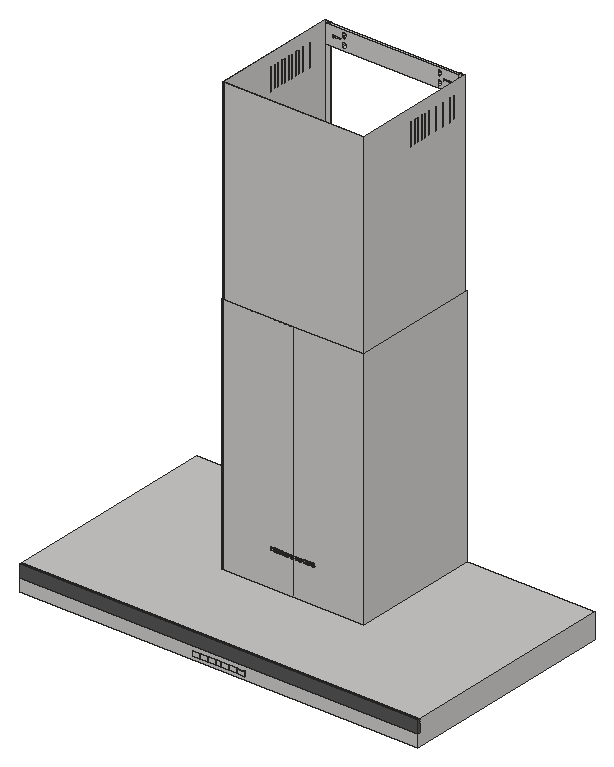
Revit family "FP_Revit_18_HC36DTXB1_Rangehood_90000953A", category Specialty Equipment, Revit 2018
Family settings
  Round Connector Dimension = Use Diameter
  Part Type = Normal
  OmniClass Number = 23.40.40.00
  OmniClass Title = Food Service Equipment and Furnishings
  Work Plane-Based = No
  Always vertical = Yes
  Cut with Voids When Loaded = Yes
  Shared = No
  Room Calculation Point = No
Parameters
  Visibility - Upper Chimney Extension [instance] = yes
  URL = "www.fisherpaykel.com"
  Product - Width = 900 mm  # constant formula
  Product - Height (645mm - 1043mm) Ducted [instance] = 1043 mm
  Product - Depth = 500 mm  # constant formula
  Model = "HC36DTXB1"
  Material - Display Panel = Fisher & Paykel - Glass, Black
  Material - Body = Fisher & Paykel - Stainless Steel
  Manufacturer = "Fisher & Paykel Appliances"
  FFL Offset [instance] = 1565 mm
  Description = "36\" Rangehood"
  Connector Description - Extraction = "6” (152 mm) diameter, rigid or semi-rigid ducting, 615 CFM"
  Connector Description - Electrical = "120 V, 60 Hz, 542 W"
  Chassis - Width = 320 mm  # constant formula
  Chassis - Height = 604 mm  # constant formula
  Chassis - Depth = 291 mm  # constant formula
Reference planes
  plane 1 "Datum": y = 0
  plane 2: z = 0
  plane 3 "Center (Left/Right)": x = 0
  plane 4 "Product LHS": x = -450
  plane 5 "Product RHS": x = 450
  plane 6 "Product - Depth": y = -500
  plane 7 "Cavity LHS": x = -160
  plane 8 "Cavity RHS": x = 160
  plane 9 "Chassis - Depth": y = -291
  plane 10 "FFL Offset": z = 1565
  plane 11 "Product - Height": z = 2608
Forms (mm)
  Extrusion 1, solid, material "Fisher & Paykel - Stainless Steel" <- "Material - Body"
    sketch origin (0, 0, 0) x (1, 0, 0) y (0, 1, 0)
      loop
        line (-145, 0) -> (-160, 0) -> (-160, -291) -> (0, -291) -> (160, -291) -> (160, 0) -> (145, 0) -> (145, -1) -> (159, -1) -> (159, -290) -> (-159, -290) -> (-159, -1) -> (-145, -1) -> (-145, 0)
    from 1621 to 2169
  Extrusion 2, solid, material "Fisher & Paykel - Stainless Steel" <- "Material - Body", visible <- "Visibility - Upper Chimney Extension"
    sketch origin (0, 0, 0) x (1, 0, 0) y (0, 1, 0)
      loop
        line (-158, -3) -> (-145, -3) -> (-145, -2) -> (-159, -2) -> (-159, -290) -> (159, -290) -> (159, -2) -> (145, -2) -> (145, -3) -> (158, -3) -> (158, -289.044) -> (-158, -289.044) -> (-158, -3)
    from 2157 to 2608
  Extrusion 3, solid, material "Fisher & Paykel - Stainless Steel" <- "Material - Body"
    sketch origin (0, 0, 0) x (1, 0, 0) y (0, 1, 0)
      loop
        line (-450, 0) -> (-450, -500) -> (450, -500) -> (450, 0) -> (-450, 0)
    from 1565 to 1621
  Extrusion 4, void
    sketch origin (0, 0, 0) x (0, 1, 0) y (0, 0, 1)
      loop
        line (-500, 1621) -> (-500, 1592.5) -> (-495, 1592.5) -> (-495, 1621) -> (-500, 1621)
    from -450 to 450
  Extrusion 5, solid, material "Fisher & Paykel - Glass, Black" <- "Material - Display Panel", detail levels fine
    sketch origin (0, 0, 1000) x (0, 1, 0) y (0, 0, 1)
      loop
        line (-495, 592.5) -> (-495, 621) -> (-500, 621) -> (-500, 592.5) -> (-495, 592.5)
    from -450 to 450
  Extrusion 6, solid, material "Fisher & Paykel - Stainless Steel" <- "Material - Body"
    sketch origin (0, 0, 0) x (1, 0, 0) y (0, 1, 0)
      loop
        line (159, -1) -> (-159, -1) -> (-159, -290) -> (159, -290) -> (159, -1)
    from 1621 to 1844.3
  Extrusion 7, solid, material "Fisher & Paykel - Stainless Steel" <- "Material - Body"
    sketch origin (0, 0, 0) x (1, 0, 0) y (0, 1, 0)
      loop
        circle (0, -83.502) r 73.896
      loop
        circle (0, -83.502) r 75.04
    from 1844.3 to 1921.3
  Extrusion 8, solid, material "Fisher & Paykel - Stainless Steel" <- "Material - Body"
    sketch origin (0, 0, 0) x (1, 0, 0) y (0, 0, 1)
      loop
        line (-145, 1857) -> (-145, 1833) -> (145, 1833) -> (145, 1857) -> (-145, 1857)
      loop
        line (-127.5, 1848) -> (-127.5, 1846.33)
        arc (-127.5, 1846.33) -> (-125, 1837) -> (-122.5, 1846.33) r 5
        line (-122.5, 1846.33) -> (-122.5, 1848)
        arc (-122.5, 1848) -> (-125, 1850.5) -> (-127.5, 1848) r 2.5
      loop
        line (122.5, 1848) -> (122.5, 1846.33)
        arc (122.5, 1846.33) -> (125, 1837) -> (127.5, 1846.33) r 5
        line (127.5, 1846.33) -> (127.5, 1848)
        arc (127.5, 1848) -> (125, 1850.5) -> (122.5, 1848) r 2.5
    from 0 to 2
  Extrusion 9, solid, material "Fisher & Paykel - Stainless Steel" <- "Material - Body", visible <- "Visibility - Upper Chimney Extension"
    sketch origin (0, 0, 0) x (1, 0, 0) y (0, 0, 1)
      loop
        line (-150, 2565.811) -> (150, 2565.811) -> (150, 2608) -> (-150, 2608) -> (-150, 2565.811)
      loop
        line (104, 2599.5) -> (104, 2595.5)
        arc (104, 2595.5) -> (108, 2591.5) -> (112, 2595.5) r 4
        line (112, 2595.5) -> (112, 2599.5)
        arc (112, 2599.5) -> (108, 2603.5) -> (104, 2599.5) r 4
      loop
        arc (112, 2578.5) -> (108, 2582.5) -> (104, 2578.5) r 4
        line (104, 2578.5) -> (104, 2573.794)
        arc (104, 2573.794) -> (108, 2570.544) -> (112, 2573.794) r 4.087
        line (112, 2573.794) -> (112, 2578.5)
      loop
        arc (117.5, 2589.5) -> (115, 2587) -> (117.5, 2584.5) r 2.5
        line (117.5, 2584.5) -> (132.5, 2584.5)
        arc (132.5, 2584.5) -> (135, 2587) -> (132.5, 2589.5) r 2.5
        line (132.5, 2589.5) -> (117.5, 2589.5)
      loop
        arc (-104, 2599.5) -> (-108, 2603.5) -> (-112, 2599.5) r 4
        line (-112, 2599.5) -> (-112, 2595.5)
        arc (-112, 2595.5) -> (-108, 2591.5) -> (-104, 2595.5) r 4
        line (-104, 2595.5) -> (-104, 2599.5)
      loop
        line (-112, 2578.5) -> (-112, 2573.794)
        arc (-112, 2573.794) -> (-108, 2570.544) -> (-104, 2573.794) r 4.087
        line (-104, 2573.794) -> (-104, 2578.5)
        arc (-104, 2578.5) -> (-108, 2582.5) -> (-112, 2578.5) r 4
      loop
        line (-117.5, 2589.5) -> (-132.5, 2589.5)
        arc (-132.5, 2589.5) -> (-135, 2587) -> (-132.5, 2584.5) r 2.5
        line (-132.5, 2584.5) -> (-117.5, 2584.5)
        arc (-117.5, 2584.5) -> (-115, 2587) -> (-117.5, 2589.5) r 2.5
    from 3 to 9
  Extrusion 10, void
    sketch origin (0, 0, 0) x (0, 1, 0) y (0, 0, 1)
      loop
        line (-158, 2580.5) -> (-158, 2530.5)
        arc (-158, 2530.5) -> (-155.5, 2528) -> (-153, 2530.5) r 2.5
        line (-153, 2530.5) -> (-153, 2580.5)
        arc (-153, 2580.5) -> (-155.5, 2583) -> (-158, 2580.5) r 2.5
      loop
        line (-148, 2580.5) -> (-148, 2530.5)
        arc (-148, 2530.5) -> (-145.5, 2528) -> (-143, 2530.5) r 2.5
        line (-143, 2530.5) -> (-143, 2580.5)
        arc (-143, 2580.5) -> (-145.5, 2583) -> (-148, 2580.5) r 2.5
      loop
        line (-138, 2580.5) -> (-138, 2530.5)
        arc (-138, 2530.5) -> (-135.5, 2528) -> (-133, 2530.5) r 2.5
        line (-133, 2530.5) -> (-133, 2580.5)
        arc (-133, 2580.5) -> (-135.5, 2583) -> (-138, 2580.5) r 2.5
      loop
        line (-128, 2580.5) -> (-128, 2530.5)
        arc (-128, 2530.5) -> (-125.5, 2528) -> (-123, 2530.5) r 2.5
        line (-123, 2530.5) -> (-123, 2580.5)
        arc (-123, 2580.5) -> (-125.5, 2583) -> (-128, 2580.5) r 2.5
      loop
        line (-118, 2580.5) -> (-118, 2530.5)
        arc (-118, 2530.5) -> (-115.5, 2528) -> (-113, 2530.5) r 2.5
        line (-113, 2530.5) -> (-113, 2580.5)
        arc (-113, 2580.5) -> (-115.5, 2583) -> (-118, 2580.5) r 2.5
      loop
        line (-108, 2580.5) -> (-108, 2530.5)
        arc (-108, 2530.5) -> (-105.5, 2528) -> (-103, 2530.5) r 2.5
        line (-103, 2530.5) -> (-103, 2580.5)
        arc (-103, 2580.5) -> (-105.5, 2583) -> (-108, 2580.5) r 2.5
      loop
        line (-98, 2580.5) -> (-98, 2530.5)
        arc (-98, 2530.5) -> (-95.5, 2528) -> (-93, 2530.5) r 2.5
        line (-93, 2530.5) -> (-93, 2580.5)
        arc (-93, 2580.5) -> (-95.5, 2583) -> (-98, 2580.5) r 2.5
      loop
        line (-88, 2580.5) -> (-88, 2530.5)
        arc (-88, 2530.5) -> (-85.5, 2528) -> (-83, 2530.5) r 2.5
        line (-83, 2530.5) -> (-83, 2580.5)
        arc (-83, 2580.5) -> (-85.5, 2583) -> (-88, 2580.5) r 2.5
      loop
        line (-78, 2580.5) -> (-78, 2530.5)
        arc (-78, 2530.5) -> (-75.5, 2528) -> (-73, 2530.5) r 2.5
        line (-73, 2530.5) -> (-73, 2580.5)
        arc (-73, 2580.5) -> (-75.5, 2583) -> (-78, 2580.5) r 2.5
      loop
        line (-68, 2580.5) -> (-68, 2530.5)
        arc (-68, 2530.5) -> (-65.5, 2528) -> (-63, 2530.5) r 2.5
        line (-63, 2530.5) -> (-63, 2580.5)
        arc (-63, 2580.5) -> (-65.5, 2583) -> (-68, 2580.5) r 2.5
      loop
        line (-58, 2580.5) -> (-58, 2530.5)
        arc (-58, 2530.5) -> (-55.5, 2528) -> (-53, 2530.5) r 2.5
        line (-53, 2530.5) -> (-53, 2580.5)
        arc (-53, 2580.5) -> (-55.5, 2583) -> (-58, 2580.5) r 2.5
      loop
        line (-48, 2580.5) -> (-48, 2530.5)
        arc (-48, 2530.5) -> (-45.5, 2528) -> (-43, 2530.5) r 2.5
        line (-43, 2530.5) -> (-43, 2580.5)
        arc (-43, 2580.5) -> (-45.5, 2583) -> (-48, 2580.5) r 2.5
      loop
        line (-38, 2580.5) -> (-38, 2530.5)
        arc (-38, 2530.5) -> (-35.5, 2528) -> (-33, 2530.5) r 2.5
        line (-33, 2530.5) -> (-33, 2580.5)
        arc (-33, 2580.5) -> (-35.5, 2583) -> (-38, 2580.5) r 2.5
    from -159 to 159
  Extrusion 11, solid, material "Fisher & Paykel - Stainless Steel" <- "Material - Body", detail levels fine
    sketch origin (0, 0, 1000) x (1, 0, 0) y (0, 0, 1)
      loop
        line (-59, 583) -> (-59, 573) -> (-41.5, 573) -> (-41.5, 583) -> (-59, 583)
      loop
        line (-41, 583) -> (-41, 573) -> (-23.5, 573) -> (-23.5, 583) -> (-41, 583)
      loop
        line (-23, 583) -> (-23, 573) -> (-5.5, 573) -> (-5.5, 583) -> (-23, 583)
      loop
        line (-5, 583) -> (-5, 573) -> (5, 573) -> (5, 583) -> (-5, 583)
      loop
        line (59, 583) -> (41.5, 583) -> (41.5, 573) -> (59, 573) -> (59, 583)
      loop
        line (41, 583) -> (23.5, 583) -> (23.5, 573) -> (41, 573) -> (41, 583)
      loop
        line (23, 583) -> (5.5, 583) -> (5.5, 573) -> (23, 573) -> (23, 583)
    from 500 to 501
  Extrusion 12, solid, material "Fisher & Paykel - Stainless Steel" <- "Material - Body"
    sketch origin (0, 0, 0) x (1, 0, 0) y (0, 0, 1)
      loop
        line (145, 2131) -> (-145.5, 2131) -> (-145.5, 2091) -> (145, 2091) -> (145, 2131)
      loop
        line (125, 2113.5) -> (110, 2113.5)
        arc (110, 2113.5) -> (107.5, 2111) -> (110, 2108.5) r 2.5
        line (110, 2108.5) -> (125, 2108.5)
        arc (125, 2108.5) -> (127.5, 2111) -> (125, 2113.5) r 2.5
      loop
        line (-110.5, 2113.5) -> (-125.5, 2113.5)
        arc (-125.5, 2113.5) -> (-128, 2111) -> (-125.5, 2108.5) r 2.5
        line (-125.5, 2108.5) -> (-110.5, 2108.5)
        arc (-110.5, 2108.5) -> (-108, 2111) -> (-110.5, 2113.5) r 2.5
    from 2 to 9
  Extrusion 13, solid, material "Fisher & Paykel - Stainless Steel" <- "Material - Body"
    sketch origin (0, 0, 0) x (1, 0, 0) y (0, 0, 1)
      loop
        line (107.5, 1844.3) -> (108.5, 1844.3) -> (108.5, 1970.3) -> (66.5, 1970.3) -> (66.5, 1880.3) -> (107.5, 1880.3) -> (107.5, 1844.3)
    from 126.369 to 163.604
  Extrusion 14, solid, material "Fisher & Paykel - Stainless Steel" <- "Material - Body"
    sketch origin (0, 0, 0) x (1, 0, 0) y (0, 1, 0)
      loop
        circle (87.5, -146) r 6.01
      loop
        circle (87.5, -146) r 12.005
    from 1970.3 to 1972.3
  Extrusion 15, void
    sketch origin (0, 0, 0) x (1, 0, 0) y (0, 1, 0)
      loop
        line (-390.5, -403) -> (390.5, -403) -> (390.5, -81) -> (-390.5, -81) -> (-390.5, -403)
      loop
        circle (-117, -47) r 25
      loop
        circle (117, -47) r 25
    from 1565 to 1574
  Extrusion 16, solid, material "Fisher & Paykel - Stainless Steel" <- "Material - Body", detail levels fine
    sketch origin (0, 0, 0) x (1, 0, 0) y (0, 1, 0)
      loop
        line (389, -82.5) -> (130.5, -82.5) -> (130.5, -401.5) -> (389, -401.5) -> (389, -82.5)
      loop
        line (140.5, -391) -> (241, -391) -> (241, -347.5) -> (278, -347.5) -> (278, -391) -> (379, -391) -> (379, -93) -> (140.5, -93) -> (140.5, -391)
      loop
        line (270, -353.5) -> (249, -353.5) -> (249, -391) -> (270, -391) -> (270, -353.5)
      loop
        line (-388.997, -82.5) -> (-388.997, -401.5) -> (-130.497, -401.5) -> (-130.497, -82.5) -> (-388.997, -82.5)
      loop
        line (-140.497, -391) -> (-140.497, -93) -> (-378.997, -93) -> (-378.997, -391) -> (-278.497, -391) -> (-278.497, -347.5) -> (-241.497, -347.5) -> (-241.497, -391) -> (-140.497, -391)
      loop
        line (-270.497, -353.5) -> (-270.497, -391) -> (-249.497, -391) -> (-249.497, -353.5) -> (-270.497, -353.5)
      loop
        line (129, -82.5) -> (-129, -82.5) -> (-129, -401.5) -> (129, -401.5) -> (129, -82.5)
      loop
        line (-119, -391) -> (-18.5, -391) -> (-18.5, -347.5) -> (18.5, -347.5) -> (18.5, -391) -> (119, -391) -> (119, -93) -> (-119, -93) -> (-119, -391)
      loop
        line (10.5, -353.5) -> (-10.5, -353.5) -> (-10.5, -391) -> (10.5, -391) -> (10.5, -353.5)
    from 1565 to 1574
  Extrusion 17, solid, material "Fisher & Paykel - Aluminium", detail levels medium+fine
    sketch origin (0, 0, 0) x (1, 0, 0) y (0, 1, 0)
      loop
        line (379, -93) -> (140.5, -93) -> (140.5, -391) -> (241, -391) -> (241, -347.5) -> (278, -347.5) -> (278, -391) -> (379, -391) -> (379, -93)
      loop
        line (119, -93) -> (-119, -93) -> (-119, -391) -> (-18.5, -391) -> (-18.5, -347.5) -> (18.5, -347.5) -> (18.5, -391) -> (119, -391) -> (119, -93)
      loop
        line (-140.497, -93) -> (-378.997, -93) -> (-378.997, -391) -> (-278.497, -391) -> (-278.497, -347.5) -> (-241.497, -347.5) -> (-241.497, -391) -> (-140.497, -391) -> (-140.497, -93)
    from 1565 to 1574
  Extrusion 18, solid, material "Fisher & Paykel - Bezel White", detail levels fine
    sketch origin (0, 0, 0) x (1, 0, 0) y (0, 1, 0)
      loop
        circle (-117, -47) r 22
      loop
        circle (117, -47) r 22
    from 1565 to 1574
  Extrusion 19, void
    sketch origin (0, 0, 0) x (1, 0, 0) y (0, 0, 1)
      loop
        circle (318, 1588) r 2.5
      loop
        circle (151.014, 2092) r 3.5
      loop
        circle (-318, 1588) r 2.5
      loop
        circle (-151.014, 2092) r 3.5
    from 0 to 7
  Extrusion 20, solid, material "Fisher & Paykel - Stainless Steel" <- "Material - Body", detail levels fine
    sketch origin (0, 0, 0) x (1, 0, 0) y (0, 1, 0)
      loop
        circle (-117, -47) r 22
      loop
        circle (-117, -47) r 25
      loop
        circle (117, -47) r 22
      loop
        circle (117, -47) r 25
    from 1565 to 1574
Cuts and joins
  Extrusion 4, Extrusion 15, Extrusion 19 cuts Extrusion 3
  Extrusion 10 cuts Extrusion 2
  Extrusion 19 cuts Extrusion 1
Text (mm)
  text "Due to ongoing product development, product details are subject to change without notice. \nPlease always refer to www.fisherpaykel.com for the most current product information. \n© Fisher & Paykel 2020" at (41.04, -1225.549, 0), in view "Ref. Level (Plan)"
Dimensions and locks
  equal spacing: plane 4 "Product LHS", plane 3 "Center (Left/Right)", plane 5 "Product RHS"
  "Product - Width": plane 4 "Product LHS" to plane 5 "Product RHS"
  equal spacing: plane 7 "Cavity LHS", plane 3 "Center (Left/Right)", plane 8 "Cavity RHS"
  "Chassis - Width": plane 7 "Cavity LHS" to plane 8 "Cavity RHS"
  locked: Extrusion 1 sketch curve to Extrusion 1 sketch curve at 1  (x3)
  locked: Extrusion 2 to Extrusion 2 at 451
  "Product - Depth": plane 6 "Product - Depth" to plane 1 "Datum"
  "FFL Offset": plane 10 "FFL Offset" to level
  "Chassis - Height": Extrusion 1 to plane 10 "FFL Offset"
  locked: Extrusion 7 to plane 10 "FFL Offset" at 356.3
  locked: cut or joined group of Extrusion 3, Extrusion 4, Extrusion 15, Extrusion 19 to plane 10 "FFL Offset" at 56
  cut or joined group of Extrusion 3, Extrusion 4, Extrusion 15, Extrusion 19 to Extrusion 13 sketch curve = 259.3 mm
  cut or joined group of Extrusion 3, Extrusion 4, Extrusion 15, Extrusion 19 to Extrusion 13 sketch curve = 349.3 mm
  locked: cut or joined group of Extrusion 3, Extrusion 4, Extrusion 15, Extrusion 19 to plane 10 "FFL Offset" at 9
  locked: Extrusion 14 to plane 10 "FFL Offset" at 407.3
  locked: Extrusion 5 to plane 10 "FFL Offset" at 27.5
  locked: plane 10 "FFL Offset" to nested 1 at 134.155
  locked: Extrusion 11 to plane 10 "FFL Offset" at 8
  locked: Extrusion 11 to plane 10 "FFL Offset" at 18
  locked: plane 10 "FFL Offset" to cut or joined group of Extrusion 3, Extrusion 4, Extrusion 15, Extrusion 19 at 23
  locked: plane 10 "FFL Offset" to cut or joined group of Extrusion 1, Extrusion 19 at 527
  locked: Extrusion 6 to plane 10 "FFL Offset" at 279.3
  locked: Extrusion 13 to plane 10 "FFL Offset" at 405.3
  locked: plane 10 "FFL Offset" to Extrusion 12 at 526
  locked: plane 10 "FFL Offset" to Extrusion 12 at 566
  "Product - Height (645mm - 1043mm) Ducted": plane 11 "Product - Height" to plane 10 "FFL Offset"
  locked: plane 11 "Product - Height" to Extrusion 10 sketch curve at 27.5
  locked: plane 11 "Product - Height" to Extrusion 10 sketch curve at 77.5
  locked: Extrusion 9 sketch curve to plane 11 "Product - Height" at 42.189
  locked: Extrusion 9 sketch curve to plane 11 "Product - Height" at 21
  "Chassis - Depth": plane 1 "Datum" to plane 9 "Chassis - Depth"
  aligned and locked: level to plane 2
  aligned and locked: Extrusion 1 sketch curve to plane 7 "Cavity LHS"
  aligned and locked: plane 8 "Cavity RHS" to Extrusion 1 sketch curve
  aligned and locked: plane 1 "Datum" to Extrusion 1 sketch curve  (x2)
  aligned and locked: plane 9 "Chassis - Depth" to Extrusion 1 sketch curve
  aligned and locked: plane 5 "Product RHS" to Extrusion 3 sketch curve
  aligned and locked: plane 1 "Datum" to Extrusion 3 sketch curve
  aligned and locked: Extrusion 3 sketch curve to plane 4 "Product LHS"
  aligned and locked: plane 6 "Product - Depth" to Extrusion 3 sketch curve
  aligned and locked: plane 6 "Product - Depth" to Extrusion 4 sketch curve
  aligned and locked: Extrusion 4 sketch curve to cut or joined group of Extrusion 3, Extrusion 4, Extrusion 15, Extrusion 19
  aligned and locked: Extrusion 4 to plane 5 "Product RHS"
  aligned and locked: plane 4 "Product LHS" to Extrusion 4
  aligned and locked: cut or joined group of Extrusion 3, Extrusion 4, Extrusion 15, Extrusion 19 to Extrusion 5
  aligned and locked: Extrusion 5 to cut or joined group of Extrusion 3, Extrusion 4, Extrusion 15, Extrusion 19
  aligned and locked: Extrusion 1 to Extrusion 6
  aligned and locked: Extrusion 7 to Extrusion 6
  aligned and locked: Extrusion 10 to Extrusion 1  (x2)
  aligned and locked: plane 6 "Product - Depth" to Extrusion 11
  aligned and locked: Extrusion 9 sketch curve to Extrusion 9 sketch curve
  aligned and locked: Extrusion 3 to plane 10 "FFL Offset"
  aligned and locked: Extrusion 6 to cut or joined group of Extrusion 3, Extrusion 4, Extrusion 15, Extrusion 19
  aligned and locked: Extrusion 13 sketch curve to Extrusion 6
  aligned and locked: Extrusion 3 to Extrusion 15
  aligned and locked: cut or joined group of Extrusion 3, Extrusion 4, Extrusion 15, Extrusion 19 to Extrusion 16  (x2)
  aligned and locked: cut or joined group of Extrusion 3, Extrusion 4, Extrusion 15, Extrusion 19 to Extrusion 17  (x2)
  aligned and locked: Extrusion 18 to Extrusion 17
  aligned and locked: cut or joined group of Extrusion 3, Extrusion 4, Extrusion 15, Extrusion 19 to Extrusion 18
  aligned and locked: Extrusion 4 to Extrusion 5
  aligned and locked: Extrusion 1 to Extrusion 5
  aligned and locked: plane 11 "Product - Height" to Extrusion 9
  aligned and locked: plane 11 "Product - Height" to cut or joined group of Extrusion 2, Extrusion 10
  aligned and locked: plane 11 "Product - Height" to Extrusion 9 sketch curve
  aligned and locked: Extrusion 14 to Extrusion 13
  aligned and locked: Extrusion 20 to cut or joined group of Extrusion 3, Extrusion 4, Extrusion 15, Extrusion 19
  aligned and locked: Extrusion 20 to plane 10 "FFL Offset"
Automatic sketch dimensions
  Extrusion 1 sketch curve to plane 3 "Center (Left/Right)" = 0 mm
  plane 1 "Datum" to Extrusion 1 sketch curve = 1 mm  (x2)
  Extrusion 1 sketch curve to Extrusion 1 sketch curve = 14 mm
  plane 8 "Cavity RHS" to Extrusion 1 sketch curve = 15 mm
  plane 6 "Product - Depth" to Extrusion 4 sketch curve = 5 mm
  level to Extrusion 4 sketch curve = 1592.5 mm
  Extrusion 5 sketch curve to Extrusion 5 sketch curve = 28.5 mm
  Extrusion 6 sketch curve to plane 7 "Cavity LHS" = 1 mm
  plane 8 "Cavity RHS" to Extrusion 6 sketch curve = 1 mm
  plane 9 "Chassis - Depth" to Extrusion 6 sketch curve = 1 mm
  plane 1 "Datum" to Extrusion 6 sketch curve = 1 mm
  Extrusion 7 sketch curve to Extrusion 7 sketch curve = 0 mm  (x2)
  Extrusion 7 sketch curve to plane 3 "Center (Left/Right)" = 0 mm
  plane 1 "Datum" to Extrusion 7 sketch curve = 83.502 mm
  Extrusion 2 sketch curve to plane 7 "Cavity LHS" = 1 mm
  Extrusion 2 sketch curve to Extrusion 2 sketch curve = 1 mm  (x3)
  plane 1 "Datum" to Extrusion 2 sketch curve = 3 mm  (x2)
  Extrusion 2 sketch curve to Extrusion 2 sketch curve = 13 mm
  plane 8 "Cavity RHS" to Extrusion 2 sketch curve = 15 mm
  plane 8 "Cavity RHS" to Extrusion 2 sketch curve = 2 mm
  plane 8 "Cavity RHS" to Extrusion 2 sketch curve = 1 mm
  plane 9 "Chassis - Depth" to Extrusion 2 sketch curve = 1.956 mm
  plane 9 "Chassis - Depth" to Extrusion 2 sketch curve = 1 mm
  Extrusion 8 sketch curve to plane 7 "Cavity LHS" = 15 mm
  Extrusion 8 sketch curve to Extrusion 8 sketch curve = 17.5 mm
  Extrusion 8 sketch curve to Extrusion 8 sketch curve = 2.5 mm  (x4)
  plane 8 "Cavity RHS" to Extrusion 8 sketch curve = 37.5 mm
  plane 8 "Cavity RHS" to Extrusion 8 sketch curve = 15 mm
  Extrusion 8 sketch curve to Extrusion 8 sketch curve = 9 mm  (x3)
  Extrusion 8 sketch curve to Extrusion 8 sketch curve = 4.33 mm  (x2)
  Extrusion 8 sketch curve to Extrusion 8 sketch curve = 1.67 mm  (x2)
  plane 1 "Datum" to Extrusion 10 sketch curve = 158 mm
  Extrusion 10 sketch curve to Extrusion 10 sketch curve = 2.5 mm  (x13)
  Extrusion 10 sketch curve to Extrusion 10 sketch curve = 5 mm  (x12)
  Extrusion 10 sketch curve to Extrusion 10 sketch curve = 0 mm  (x24)
  Extrusion 11 sketch curve to Extrusion 11 sketch curve = 17.5 mm  (x6)
  Extrusion 11 sketch curve to Extrusion 11 sketch curve = 0.5 mm  (x6)
  Extrusion 11 sketch curve to Extrusion 11 sketch curve = 0 mm  (x10)
  Extrusion 11 sketch curve to Extrusion 11 sketch curve = 10 mm  (x4)
  Extrusion 12 sketch curve to plane 4 "Product LHS" = 304.5 mm
  Extrusion 12 sketch curve to Extrusion 12 sketch curve = 20 mm  (x2)
  Extrusion 12 sketch curve to Extrusion 12 sketch curve = 15 mm  (x2)
  Extrusion 12 sketch curve to plane 7 "Cavity LHS" = 270 mm
  Extrusion 12 sketch curve to Extrusion 12 sketch curve = 17.5 mm  (x3)
  Extrusion 12 sketch curve to Extrusion 12 sketch curve = 2.5 mm  (x2)
  Extrusion 14 sketch curve to Extrusion 14 sketch curve = 0 mm  (x2)
  plane 8 "Cavity RHS" to Extrusion 14 sketch curve = 72.5 mm
  plane 1 "Datum" to Extrusion 14 sketch curve = 146 mm
  Extrusion 16 sketch curve to plane 4 "Product LHS" = 61.003 mm
  Extrusion 16 sketch curve to Extrusion 16 sketch curve = 10 mm  (x6)
  Extrusion 16 sketch curve to Extrusion 16 sketch curve = 100.5 mm
  Extrusion 16 sketch curve to Extrusion 16 sketch curve = 8 mm  (x6)
  Extrusion 16 sketch curve to Extrusion 16 sketch curve = 21 mm  (x2)
  Extrusion 16 sketch curve to plane 7 "Cavity LHS" = 19.503 mm
  Extrusion 16 sketch curve to Extrusion 16 sketch curve = 1.497 mm
  Extrusion 16 sketch curve to plane 3 "Center (Left/Right)" = 18.5 mm
  plane 3 "Center (Left/Right)" to Extrusion 16 sketch curve = 10.5 mm
  plane 8 "Cavity RHS" to Extrusion 16 sketch curve = 41 mm
  Extrusion 16 sketch curve to Extrusion 16 sketch curve = 1.5 mm
  Extrusion 16 sketch curve to plane 8 "Cavity RHS" = 81 mm
  plane 5 "Product RHS" to Extrusion 16 sketch curve = 71 mm
  plane 1 "Datum" to Extrusion 16 sketch curve = 401.5 mm
  Extrusion 16 sketch curve to Extrusion 16 sketch curve = 0 mm  (x8)
  Extrusion 16 sketch curve to Extrusion 16 sketch curve = 10.5 mm  (x7)
  Extrusion 16 sketch curve to Extrusion 16 sketch curve = 37.5 mm  (x3)
  Extrusion 16 sketch curve to Extrusion 16 sketch curve = 6 mm  (x3)
  Extrusion 16 sketch curve to Extrusion 16 sketch curve = 254.5 mm  (x2)
  Extrusion 17 sketch curve to plane 4 "Product LHS" = 71.003 mm
  Extrusion 17 sketch curve to Extrusion 17 sketch curve = 100.5 mm
  Extrusion 17 sketch curve to Extrusion 17 sketch curve = 37 mm  (x2)
  Extrusion 17 sketch curve to plane 7 "Cavity LHS" = 19.503 mm
  Extrusion 17 sketch curve to Extrusion 17 sketch curve = 21.497 mm
  Extrusion 17 sketch curve to plane 3 "Center (Left/Right)" = 18.5 mm
  plane 3 "Center (Left/Right)" to Extrusion 17 sketch curve = 18.5 mm
  plane 8 "Cavity RHS" to Extrusion 17 sketch curve = 41 mm
  plane 8 "Cavity RHS" to Extrusion 17 sketch curve = 19.5 mm
  Extrusion 17 sketch curve to plane 8 "Cavity RHS" = 81 mm
  plane 5 "Product RHS" to Extrusion 17 sketch curve = 71 mm
  Extrusion 17 sketch curve to plane 9 "Chassis - Depth" = 100 mm  (x3)
  Extrusion 17 sketch curve to Extrusion 17 sketch curve = 0 mm  (x4)
  Extrusion 17 sketch curve to Extrusion 17 sketch curve = 43.5 mm  (x3)
  plane 1 "Datum" to Extrusion 17 sketch curve = 93 mm  (x2)
  plane 3 "Center (Left/Right)" to Extrusion 13 sketch curve = 66.5 mm
  Extrusion 13 sketch curve to Extrusion 13 sketch curve = 41 mm
  Extrusion 13 sketch curve to Extrusion 13 sketch curve = 1 mm
  Extrusion 5 sketch curve to Extrusion 5 sketch curve = 5 mm
  Extrusion 5 sketch curve to plane 6 "Product - Depth" = 0 mm
  plane 10 "FFL Offset" to Extrusion 5 sketch curve = 27.5 mm
  plane 10 "FFL Offset" to Extrusion 11 sketch curve = 8 mm
  Extrusion 11 sketch curve to plane 3 "Center (Left/Right)" = 59 mm
  plane 10 "FFL Offset" to Extrusion 8 sketch curve = 268 mm
  plane 10 "FFL Offset" to Extrusion 19 sketch curve = 23 mm  (x2)
  Extrusion 19 sketch curve to plane 4 "Product LHS" = 132 mm
  Extrusion 19 sketch curve to plane 7 "Cavity LHS" = 8.986 mm
  plane 8 "Cavity RHS" to Extrusion 19 sketch curve = 8.986 mm
  plane 5 "Product RHS" to Extrusion 19 sketch curve = 132 mm
  Extrusion 19 sketch curve to Extrusion 19 sketch curve = 0 mm
  plane 10 "FFL Offset" to Extrusion 12 sketch curve = 526 mm
  plane 10 "FFL Offset" to Extrusion 19 sketch curve = 527 mm
  Extrusion 9 sketch curve to plane 7 "Cavity LHS" = 10 mm
  Extrusion 9 sketch curve to Extrusion 9 sketch curve = 17.5 mm
  Extrusion 9 sketch curve to Extrusion 9 sketch curve = 15 mm  (x2)
  Extrusion 9 sketch curve to Extrusion 9 sketch curve = 5.5 mm  (x3)
  Extrusion 9 sketch curve to Extrusion 9 sketch curve = 4 mm  (x6)
  Extrusion 9 sketch curve to Extrusion 9 sketch curve = 0 mm  (x3)
  Extrusion 9 sketch curve to plane 11 "Product - Height" = 8.5 mm
  plane 8 "Cavity RHS" to Extrusion 9 sketch curve = 56 mm
  plane 8 "Cavity RHS" to Extrusion 9 sketch curve = 10 mm
  Extrusion 9 sketch curve to Extrusion 9 sketch curve = 6 mm  (x4)
  Extrusion 9 sketch curve to Extrusion 9 sketch curve = 2.5 mm
  Extrusion 9 sketch curve to Extrusion 9 sketch curve = 3.87 mm  (x2)
  Extrusion 9 sketch curve to Extrusion 9 sketch curve = 0.837 mm  (x2)
  Extrusion 15 sketch curve to plane 4 "Product LHS" = 59.5 mm
  Extrusion 15 sketch curve to plane 7 "Cavity LHS" = 43 mm
  plane 8 "Cavity RHS" to Extrusion 15 sketch curve = 43 mm
  plane 5 "Product RHS" to Extrusion 15 sketch curve = 59.5 mm
  plane 6 "Product - Depth" to Extrusion 15 sketch curve = 97 mm
  plane 1 "Datum" to Extrusion 15 sketch curve = 81 mm
  plane 1 "Datum" to Extrusion 15 sketch curve = 47 mm  (x2)
  Extrusion 18 sketch curve to plane 7 "Cavity LHS" = 43 mm
  plane 8 "Cavity RHS" to Extrusion 18 sketch curve = 43 mm
  plane 1 "Datum" to Extrusion 18 sketch curve = 47 mm  (x2)
  Extrusion 20 sketch curve to Extrusion 20 sketch curve = 0 mm  (x4)
  Extrusion 20 sketch curve to plane 7 "Cavity LHS" = 43 mm
  plane 8 "Cavity RHS" to Extrusion 20 sketch curve = 43 mm
  plane 1 "Datum" to Extrusion 20 sketch curve = 47 mm  (x2)
  radius of Extrusion 7 sketch curve = 73.896 mm
  radius of Extrusion 7 sketch curve = 75.04 mm
  radius of Extrusion 14 sketch curve = 6.01 mm
  radius of Extrusion 14 sketch curve = 12.005 mm
  radius of Extrusion 19 sketch curve = 2.5 mm  (x2)
  radius of Extrusion 19 sketch curve = 3.5 mm  (x2)
  radius of Extrusion 15 sketch curve = 25 mm  (x2)
  radius of Extrusion 18 sketch curve = 22 mm  (x2)
  radius of Extrusion 20 sketch curve = 22 mm  (x2)
  radius of Extrusion 20 sketch curve = 25 mm  (x2)
Nested families
  nested 1: "F&P Logo 100mm" at (0.236, -291, 1699.263), type "Grey"
Connectors
  hvac at (0, -83.502, 1921.3), driven by "Connector Description - Extraction"
    settings: on Extrusion 7, index 1, duct flow 0.0 L/s, flow factor 0, pres drop 0.0 Pa, loss coef 0, conn angle 0.00°, conn width 304.8 mm, conn height 304.8 mm, conn diameter 150 mm, duct sys type 3, conn prof type 0, flow config 0, flow direction 2, loss method 0, conn ref index -1, conn util no, is conn primary yes, conn desc "6” (152 mm) diameter, rigid or semi-rigid ducting, 615 CFM"
  electrical at (87.5, -146, 1972.3), driven by "Connector Description - Electrical"
    settings: on Extrusion 14, index 2, voltage 120 V, apparent load 0 VA, apparent load phase1 0 VA, apparent load phase2 0 VA, apparent load phase3 0 VA, power factor 1, load classification "Other", number of poles 1, system type 30, power factor state 1, is connector primary yes, connector utility no, sub classification motor no, connector description "120 V, 60 Hz, 542 W"
Definition of nested family "F&P Logo 100mm"
  Parameters (values of type "Chrome")
    URL = "www.fisherpaykel.com"
    Material - Logo = none
    Manufacturer = "Fisher & Paykel Appliances"
  Types (3): name
    (no name)
    Chrome
    Grey
  Reference planes
    plane 1 "Center (Front/Back)": y = 0
    plane 2: z = 0
    plane 3 "Center (Left/Right)": x = 0
  Forms (mm)
    Extrusion 1, solid, material <- "Material - Logo", detail levels fine
      sketch origin (0, 0, 0) x (1, 0, 0) y (0, 0, 1)
        loop
          line (-50.044, 0) -> (-48.47, 0) -> (-48.47, 2.138) -> (-46.011, 2.138) -> (-46.011, 3.472) -> (-48.47, 3.472) -> (-48.47, 4.712) -> (-45.795, 4.712) -> (-45.795, 6.04) -> (-50.044, 6.04) -> (-50.044, 0)
        loop
          line (-42.804, 6.04) -> (-42.804, 0) -> (-41.23, 0) -> (-41.23, 6.04) -> (-42.804, 6.04)
        loop
          line (-30.724, 6.04) -> (-30.724, 0) -> (-29.151, 0) -> (-29.151, 2.42) -> (-26.839, 2.42) -> (-26.839, 0) -> (-25.265, 0) -> (-25.265, 6.04) -> (-26.839, 6.04) -> (-26.839, 3.748) -> (-29.151, 3.748) -> (-29.151, 6.04) -> (-30.724, 6.04)
        loop
          line (-21.906, 6.04) -> (-21.906, 0) -> (-17.602, 0) -> (-17.602, 1.328) -> (-20.347, 1.328) -> (-20.347, 2.42) -> (-17.838, 2.42) -> (-17.838, 3.748) -> (-20.347, 3.748) -> (-20.347, 4.712) -> (-17.602, 4.712) -> (-17.602, 6.04) -> (-21.906, 6.04)
        loop
          line (45.667, 6.04) -> (45.667, 0) -> (49.956, 0) -> (49.956, 1.328) -> (47.241, 1.328) -> (47.241, 6.04) -> (45.667, 6.04)
        loop
          line (42.431, 6.04) -> (38.112, 6.04) -> (38.112, 0) -> (42.431, 0) -> (42.431, 1.328) -> (39.687, 1.328) -> (39.687, 2.42) -> (42.195, 2.42) -> (42.195, 3.748) -> (39.687, 3.748) -> (39.687, 4.712) -> (42.431, 4.712) -> (42.431, 6.04)
        loop
          line (33.451, 3.148) -> (35.683, 6.04) -> (33.844, 6.04) -> (31.915, 3.542) -> (31.915, 6.04) -> (30.342, 6.04) -> (30.342, 0) -> (31.915, 0) -> (31.915, 2.705) -> (33.903, 0) -> (35.763, 0) -> (33.451, 3.148)
        loop
          line (21.98, 6.04) -> (24.262, 2.42) -> (24.262, 0) -> (25.837, 0) -> (25.837, 2.341) -> (28.119, 6.04) -> (26.446, 6.04) -> (25.099, 3.707) -> (23.753, 6.04) -> (21.98, 6.04)
        loop
          line (18.479, 6.04) -> (16.983, 6.04) -> (14.524, 0) -> (16.069, 0) -> (16.501, 1.112) -> (18.921, 1.112) -> (19.354, 0) -> (20.938, 0) -> (18.479, 6.04)
        loop
          line (18.4, 2.439) -> (17.693, 4.174) -> (17.018, 2.439) -> (18.4, 2.439)
        loop
          line (8.031, 6.04) -> (8.031, 0) -> (9.605, 0) -> (9.605, 1.938) -> (10.599, 1.938)
          arc (10.599, 1.938) -> (12.65, 3.989) -> (10.599, 6.04) r 2.051
          line (10.599, 6.04) -> (8.031, 6.04)
        loop
          line (9.605, 4.712) -> (9.605, 3.197) -> (10.501, 3.197)
          arc (10.501, 3.197) -> (11.259, 3.954) -> (10.501, 4.712) r 0.757
          line (10.501, 4.712) -> (9.605, 4.712)
        loop
          line (-11.783, 6.04) -> (-14.366, 6.04) -> (-14.366, 0) -> (-12.792, 0) -> (-12.792, 1.336) -> (-11.992, 1.336) -> (-10.972, 0) -> (-9.153, 0) -> (-10.694, 1.973)
          arc (-10.694, 1.973) -> (-9.678, 4.424) -> (-11.783, 6.04) r 2.179
        loop
          line (-11.897, 4.712) -> (-12.792, 4.712) -> (-12.792, 3.053) -> (-11.897, 3.053)
          arc (-11.897, 3.053) -> (-11.068, 3.882) -> (-11.897, 4.712) r 0.83
        loop
          line (0.477, 4.712) -> (0.477, 6.153) -> (-3.575, 6.153) -> (-3.575, 4.851) -> (-2.974, 4.112)
          arc (-2.974, 4.112) -> (-3.51, 0.684) -> (-0.045, 0.512) r 2.334
          line (-0.045, 0.512) -> (0.46, -0.109) -> (2.246, -0.109) -> (0.86, 1.594) -> (2.061, 3.324) -> (0.443, 3.324) -> (-0.013, 2.667) -> (-1.677, 4.712) -> (0.477, 4.712)
        loop
          arc (-2.125, 3.068) -> (-2.269, 1.668) -> (-0.868, 1.524) r 0.996
          line (-0.868, 1.524) -> (-2.125, 3.068)
        loop
          line (-35.18, 3.634) -> (-36.516, 3.91)
          arc (-36.516, 3.91) -> (-37.049, 4.443) -> (-36.516, 4.976) r 0.533
          arc (-36.516, 4.976) -> (-35.235, 4.79) -> (-34.059, 4.248) r 4.505
          line (-34.059, 4.248) -> (-34.059, 5.743)
          arc (-34.059, 5.743) -> (-35.549, 6.179) -> (-37.1, 6.109) r 4.726
          arc (-37.1, 6.109) -> (-38.536, 4.335) -> (-37.1, 2.561) r 1.814
          line (-37.1, 2.561) -> (-35.754, 2.282)
          arc (-35.754, 2.282) -> (-35.221, 1.749) -> (-35.754, 1.216) r 0.533
          arc (-35.754, 1.216) -> (-37.035, 1.402) -> (-38.211, 1.945) r 4.505
          line (-38.211, 1.945) -> (-38.211, 0.449)
          arc (-38.211, 0.449) -> (-36.72, 0.013) -> (-35.169, 0.083) r 4.726
          arc (-35.169, 0.083) -> (-33.734, 1.863) -> (-35.18, 3.634) r 1.814
      from 0 to 0.8
  Dimensions and locks
    aligned and locked: level to plane 2
